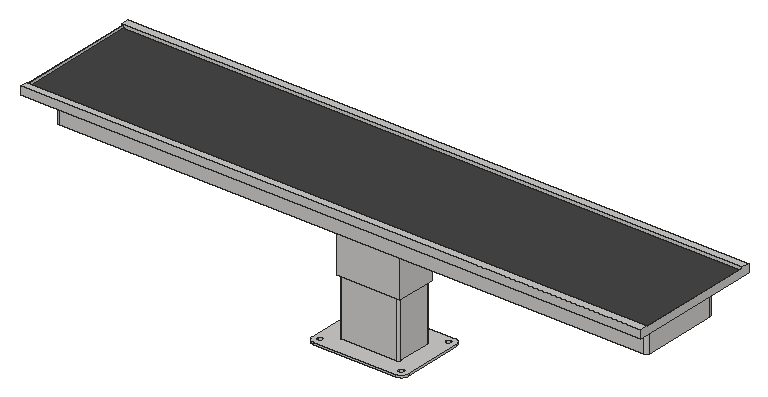
Revit family "Heater-Bromic-Platinum-Electric-Ceiling-Mounted2", category Mechanical Equipment, host Face, Revit 2020
Family settings
  Host = Face
  Round Connector Dimension = Use Diameter
  Classification = None
  Part Type = Normal
  OmniClass Number = 23.75.10.14
  OmniClass Title = Independent Electric Heating Units
  Cut with Voids When Loaded = Yes
  Shared = No
  Room Calculation Point = No
Parameters (values of type "Not a Type - Laod Type Catalog!")
  visFrontDown [instance] = not(Angle Mount)  # yes
  recess_width = if(Low Clearance Recess Kit Profile, 9.4", if(Heater Type Selector = 3, 33.4", 48.3"))  # 48.3"
  recess_visibility [instance] = and(not(Ceiling Mount Pole Profile), Show Clearance)  # no
  recess_length/2 = if(Low Clearance Recess Kit Profile, if(Heater Type Selector = 1, 39.2", 56.3"), if(Heater Type Selector = 1, 73.4", if(Heater Type Selector = 2, 90.6", 138"))) / 2  # 36.7"
  recess_length = if(Low Clearance Recess Kit Profile, if(Heater Type Selector = 1, 47.1", 64.2"), if(Heater Type Selector = 1, 73.4", if(Heater Type Selector = 2, 90.6", 138")))  # 73.4"
  recess_depth = if(Low Clearance Recess Kit Profile, 7", if(Heater Type Selector = 3, 13.8", 10"))  # 10"
  calcYOffset [instance] = if(Angle Mount, 0.5748", 0")  # 0"
  calcXOffset [instance] = if(Angle Mount, 1.49606", 0")  # 0"
  calcWidth = if(Heater Type Selector = 1, 7.17", if(Heater Type Selector = 2, 7.17", 10.1"))  # 7.17"
  calcSuspendedHeight [instance] = if(Front Down Mount, 8", if([Ceiling Pole_23.6"], 23.6", if([Ceiling Pole_47.2"], 47.2", if(Angle Mount, 10", 8"))))  # 8"
  calcOffsetClearance [instance] = if(Angle Mount, 1.69", calcWidth / 2)  # 3.585"
  calcLength = if(Heater Type Selector = 1, 33.07", if(Heater Type Selector = 2, 50.2", 53.2"))  # 33.07"
  calcFaceAngledWidth [instance] = if(Angle Mount, 6.5", calcWidth)  # 7.17"
  calcDepth = 2.13"  # constant formula
  Width = if(Heater Type Selector = 3, 10.1", 7")  # 7"
  Weight = if(Heater Type Selector = 1, 16.50 lbm, if(Heater Type Selector = 2, 22.00 lbm, 16.50 lbm))  # 16.50 lbm
  Wattage = if(Heater Type Selector = 1, 2300 W, if(Heater Type Selector = 2, 3400 W, 4500 W))  # 2300 W
  Voltage = 208 V
  Void Width Option [instance] = if([Standard recess kit - 4500W Series], 56", if([Standard recess kit - 3400W Series], 53", if([Standard recess kit - 2300W Series], 35.8", if([Low clearance recess kit - 2300W Series], 40.91", if([Low clearance recess kit - 3400W Series], 58.7", 1")))))  # 1"
  Utility = no
  URL = "https://www.bromic.com/product/platinum-smart-heat-electric/"
  Void Thickness Option [instance] = if([Standard recess kit - 4500W Series], 13", if([Standard recess kit - 3400W Series], 10", if([Standard recess kit - 2300W Series], 10", if([Low clearance recess kit - 2300W Series], 10.28", if([Low clearance recess kit - 3400W Series], 10.28", 1")))))  # 1"
  Void Start Option [instance] = if(Standard Recess Kit Profile, 0", if(Low Clearance Recess Kit Profile, 0", 0.5"))  # 0.5"
  Standard Mounting Pole_parameter = Pole : Standard Mounting Pole
  Side Clearance = if(Heater Type Selector = 1, 10", 18")  # 10"
  Standard Recess Kit Profile = no
  ProductCode = "ProductCode not specified - Load Type Catalog!"
  Product data url = "https://www.bimobject.com/bromic-heating/product/platinum-smart-heat-electric"
  Power Factor = 1
  Number of Poles = 1
  Mounting Type Info [instance] = if(Front Down Mount, "Ceiling Mounted - Front Down", if([Ceiling Pole_23.6"], "Ceiling Pole - 23.6\"", if([Ceiling Pole_47.2"], "Ceiling Pole - 47.2\"", if(Angle Mount, "Ceiling Mounted - Angle Mount", "Ceiling Mounted - Front Down"))))  # "Ceiling Mounted - Front Down"
  Mounting Type [instance] = Pole : Standard Mounting Pole
  MountTypeSelector [instance] = if([1 = Standard Mounting Pole], 1, if([2 = 2' Mounting Pole], 2, if([3 = 4' Mounting Pole], 3, 4)))  # 1
  Screen Material = Ceramic-Tinted-Bromic-Black
  Material = Metal-Steel-Stainless-Bromic
  Masking_3 = no
  Masking_2 = no
  Masking_1 = yes
  MEP_param [instance] = if(Ceiling Mount Pole Profile, 8.56", if(Low Clearance Recess Kit Profile, 2.13", 0"))  # 8.56"
  Low clearance recess kit - 3400W Series = no
  Low clearance recess kit - 2300W Series = no
  Low Clearance Recess Kit Profile = no
  Load Sub-Classification Motor = no
  Load Classification = Power
  Length = if(Heater Type Selector = 1, 33", if(Heater Type Selector = 2, 50.2", 53.2"))  # 33"
  Heater Type Selector = 1
  Front Down Mount [instance] = or(MountTypeSelector < 2, MountTypeSelector > 4)  # yes
  Frequency = 50 Hz
  Floor Clearance = 96"  # constant formula
  Show Clearance [instance] = no
  Model = "Platinum Smart-Heat™ Electric"  # constant formula
  Manufacturer = "Bromic Heating"  # constant formula
  End Clearance = if(Heater Type Selector = 1, 10", 18")  # 10"
  Description = "The Platinum Smart-Heat™ Electric excels in efficiency, packing profound performance into a sleek package to suit high-end, style-centric settings. Designed specifically with low-clearance, semi-enclosed and aesthetically-focused spaces in mind, this heater minimizes light emission to blend seamlessly into rooflines with the aid of recess kits or stylishly mount to a number of other surfaces."  # constant formula
  Void End Option [instance] = if(Standard Recess Kit Profile, -8.56", if(Low Clearance Recess Kit Profile, -6.63", 1"))  # 1"
  Depth = 2"  # constant formula
  Default Elevation = 48"
  Connector Description = ""
  Ceiling Pole_Standard [instance] = MountTypeSelector = 1  # yes
  Ceiling Pole_23.6" [instance] = MountTypeSelector = 2  # no
  Ceiling Pole_47.2" [instance] = MountTypeSelector = 3  # no
  Ceiling Mount Pole straight [instance] = and(Ceiling Mount Pole Profile, not([4 = Angle Mounting Pole]))  # yes
  Ceiling Mount Pole Profile = yes
  Approximate Heat Area = if(Heater Type Selector = 1, 65.00 SF, if(Heater Type Selector = 2, 108.00 SF, 65.00 SF))  # 65.00 SF
  Apparent Load = if(Heater Type Selector = 1, 2300 VA, if(Heater Type Selector = 2, 3400 VA, 4500 VA))  # 2300 VA
  Angle Mounting Pole_parameter = Pole : Angle Mounting Pole
  Angle Mount [instance] = MountTypeSelector = 4  # no
  Angle [instance] = if(Angle Mount, 30.00°, 0.00°)  # 0.00°
  Standard recess kit - 4500W Series = no
  4' Mounting Pole_parameter = Pole : 4' Mounting Pole
  Standard recess kit - 3400W Series = no
  Standard recess kit - 2300W Series = no
  4 = Angle Mounting Pole [instance] = Mounting Type = Angle Mounting Pole_parameter  # no
  2' Mounting Pole_parameter = Pole : 2' Mounting Pole
  3 = 4' Mounting Pole [instance] = Mounting Type = [4' Mounting Pole_parameter]  # no
  1 = Standard Mounting Pole [instance] = Mounting Type = Standard Mounting Pole_parameter  # yes
  2 = 2' Mounting Pole [instance] = Mounting Type = [2' Mounting Pole_parameter]  # no
Reference planes (in)
  plane 1 "Center (Front/Back)": y = 0
  plane 2: z = 0
  plane 3 "Center (Left/Right)": x = 0
  plane 4: z = 5.79528
  plane 5: z = 104
  plane 6: z = 8
  plane 7: x = -16.535
  plane 8: x = -26.535
  plane 9: x = 16.535
  plane 10: x = 26.535
  plane 11: y = 3.585
  plane 12: y = -3.585
  plane 13: y = 13.585
  plane 14: y = -13.585
  plane 15: z = 0.07874
  plane 16: z = 3.07726
  plane 17: z = 5.87402
  plane 18: x = -17.12555
  plane 19: x = 17.12555
  plane 20: y = 0
  plane 21: z = 5.87402
  plane 22: y = 3.585
  plane 23: y = -3.585
  plane 24: z = -13.79654
  plane 25: x = -0.5
  plane 26: x = 0.5
  plane 27: y = 0.5
  plane 28: y = -0.5
  plane 29: z = -0.00299
  plane 30: z = -3.27451
  plane 31: z = -8.56299
  plane 32: z = -10
  plane 33: x = 36.7
  plane 34: x = -36.7
  plane 35: y = -24.15
  plane 36: y = 24.15
Forms (in)
  Extrusion 1, solid, material "Metal-Steel-Stainless-Bromic" <- "Material", detail levels coarse+medium
    sketch origin (0, 0, 0) x (1, 0, 0) y (0, 1, 0)
      loop
        arc (-2.55906, -1.5748) -> (-2.44374, -1.85319) -> (-2.16535, -1.9685) r 0.3937
        line (-2.16535, -1.9685) -> (2.16535, -1.9685)
        arc (2.16535, -1.9685) -> (2.44374, -1.85319) -> (2.55906, -1.5748) r 0.3937
        line (2.55906, -1.5748) -> (2.55906, 1.5748)
        arc (2.55906, 1.5748) -> (2.44374, 1.85319) -> (2.16535, 1.9685) r 0.3937
        line (2.16535, 1.9685) -> (-2.16535, 1.9685)
        arc (-2.16535, 1.9685) -> (-2.44374, 1.85319) -> (-2.55906, 1.5748) r 0.3937
        line (-2.55906, 1.5748) -> (-2.55906, -1.5748)
    from 0 to 0.07874
  Extrusion 2, solid, material "Metal-Steel-Stainless-Bromic" <- "Material", visible <- "Ceiling Mount Pole Profile"
    sketch origin (0, 0, 0) x (1, 0, 0) y (0, 1, 0)
      loop
        line (-1.5748, 0.90551) -> (-1.5748, -0.86614)
        arc (-1.5748, -0.86614) -> (-1.54021, -0.94966) -> (-1.45669, -0.98425) r 0.11811
        line (-1.45669, -0.98425) -> (1.45669, -0.98425)
        arc (1.45669, -0.98425) -> (1.54021, -0.94966) -> (1.5748, -0.86614) r 0.11811
        line (1.5748, -0.86614) -> (1.5748, 0.90551)
        arc (1.5748, 0.90551) -> (1.55174, 0.96119) -> (1.49606, 0.98425) r 0.07874
        line (1.49606, 0.98425) -> (-1.49606, 0.98425)
        arc (-1.49606, 0.98425) -> (-1.55174, 0.96119) -> (-1.5748, 0.90551) r 0.07874
    from 0.07874 to 3.07726
  Extrusion 3, solid, material "Metal-Steel-Stainless-Bromic" <- "Material", visible <- "Ceiling Mount Pole straight"
    sketch origin (0, 0, 6.29921) x (1, 0, 0) y (0, 1, 0)
      loop
        arc (-2.75591, -1.44685) -> (-2.64059, -1.72524) -> (-2.3622, -1.84055) r 0.3937
        line (-2.3622, -1.84055) -> (2.3622, -1.84055)
        arc (2.3622, -1.84055) -> (2.64059, -1.72524) -> (2.75591, -1.44685) r 0.3937
        line (2.75591, -1.44685) -> (2.75591, 1.46654)
        arc (2.75591, 1.46654) -> (2.64059, 1.74492) -> (2.3622, 1.86024) r 0.3937
        line (2.3622, 1.86024) -> (-2.3622, 1.86024)
        arc (-2.3622, 1.86024) -> (-2.64059, 1.74492) -> (-2.75591, 1.46654) r 0.3937
        line (-2.75591, 1.46654) -> (-2.75591, -1.44685)
    from -0.50394 to -0.4252
  Extrusion 4, solid, material "Metal-Steel-Stainless-Bromic" <- "Material", visible <- "Ceiling Mount Pole straight"
    sketch origin (0, 0, 0) x (1, 0, 0) y (0, 1, 0)
      loop
        line (1.69291, 1.06299) -> (-1.69291, 1.06299) -> (-1.69291, -1.06299) -> (1.69291, -1.06299) -> (1.69291, 1.06299)
    from 3.07726 to 5.79528
  Extrusion 5, solid, material "Metal-Steel-Stainless-Bromic" <- "Material", visible <- "Ceiling Mount Pole Profile", detail levels fine
    sketch origin (0, 0, 0) x (1, 0, 0) y (0, 1, 0)
      loop
        arc (-2.55906, -1.5748) -> (-2.44374, -1.85319) -> (-2.16535, -1.9685) r 0.3937
        line (-2.16535, -1.9685) -> (2.16535, -1.9685)
        arc (2.16535, -1.9685) -> (2.44374, -1.85319) -> (2.55906, -1.5748) r 0.3937
        line (2.55906, -1.5748) -> (2.55906, 1.5748)
        arc (2.55906, 1.5748) -> (2.44374, 1.85319) -> (2.16535, 1.9685) r 0.3937
        line (2.16535, 1.9685) -> (-2.16535, 1.9685)
        arc (-2.16535, 1.9685) -> (-2.44374, 1.85319) -> (-2.55906, 1.5748) r 0.3937
        line (-2.55906, 1.5748) -> (-2.55906, -1.5748)
      loop
        circle (-2.16535, -1.5748) r 0.12795
      loop
        circle (2.16535, -1.5748) r 0.12795
      loop
        circle (2.16535, 1.5748) r 0.12795
      loop
        circle (-2.16535, 1.5748) r 0.12795
    from 0 to 0.07874
  Extrusion 6, solid, material "Metal-Steel-Stainless-Bromic" <- "Material", visible <- "Angle Mount"
    sketch origin (0, 0, -1.20079) x (0, 1, 0) y (0, 0, 1)
      loop
        line (1.06299, 2.50787) -> (1.06299, 4.7105) -> (0.31695, 6.00268) -> (-1.38782, 5.01842) -> (-1.06299, 4.4558) -> (-1.06299, 2.50787) -> (1.06299, 2.50787)
    from -1.69291 to 1.69291
  Extrusion 7, solid, material "Metal-Steel-Stainless-Bromic" <- "Material", visible <- "Angle Mount"
    sketch origin (0, 2.55118, 0) x (1, 0, 0) y (0, 1, 0)
      loop
        line (-1.5748, -1.64567) -> (-1.5748, -3.41732)
        arc (-1.5748, -3.41732) -> (-1.54021, -3.50084) -> (-1.45669, -3.53543) r 0.11811
        line (-1.45669, -3.53543) -> (1.45669, -3.53543)
        arc (1.45669, -3.53543) -> (1.54021, -3.50084) -> (1.5748, -3.41732) r 0.11811
        line (1.5748, -3.41732) -> (1.5748, -1.64567)
        arc (1.5748, -1.64567) -> (1.55174, -1.58999) -> (1.49606, -1.56693) r 0.07874
        line (1.49606, -1.56693) -> (-1.49606, -1.56693)
        arc (-1.49606, -1.56693) -> (-1.55174, -1.58999) -> (-1.5748, -1.64567) r 0.07874
    from 0.07874 to 1.30709
  Extrusion 8, solid, material "Metal-Steel-Stainless-Bromic" <- "Material", visible <- "Angle Mount"
    sketch origin (0, 0, 0) x (0, 1, 0) y (0, 0, 1)
      loop
        line (0.99886, 5.19559) -> (0.95949, 5.26378) -> (-2.1091, 3.49213) -> (-2.06973, 3.42394) -> (0.99886, 5.19559)
    from -2.75591 to 2.75591
  Extrusion 9, void
    sketch origin (0, 0, 0) x (1, 0, 0) y (0, 1, 0)
      loop
        line (-0.5, 0.5) -> (-0.5, -0.5) -> (0.5, -0.5) -> (0.5, 0.5) -> (-0.5, 0.5)
    from 0.5 <- "Void Start Option" to 1 <- "Void End Option"
  Extrusion 10, solid, not visible
    sketch origin (0, 0, -0.00299) x (1, 0, 0) y (0, 1, 0)
      loop
        circle (0, 0) r 1
    from 0 to 2
  Extrusion 11, solid, not visible
    sketch origin (0, 0, -3.27451) x (1, 0, 0) y (0, 1, 0)
      loop
        circle (0, 0) r 1
    from 0 to 2
Lines and regions (in)
  Masking region 1, visible <- "Masking_1"
    outline origin (0, 0, 0) x (1, 0, 0) y (0, 1, 0)
      loop
        line (-16.535, 3.585) -> (-16.535, 3.18146) -> (16.535, 3.18146) -> (16.535, 3.585) -> (-16.535, 3.585)
      loop
        line (16.535, -3.585) -> (16.535, -3.18146) -> (-16.535, -3.18146) -> (-16.535, -3.585) -> (16.535, -3.585)
  Masking region 2, visible <- "Masking_1"
    outline origin (0, 0, 0) x (1, 0, 0) y (0, 1, 0)
      loop
        line (-16.535, 3.18146) -> (-16.535, -3.18146) -> (16.535, -3.18146) -> (16.535, 3.18146) -> (-16.535, 3.18146)
  Masking region 3, visible <- "Masking_3"
    outline origin (0, 0, 0) x (1, 0, 0) y (0, 1, 0)
      loop
        line (-0.5, 0.5) -> (-0.5, -0.5) -> (0.5, -0.5) -> (0.5, 0.5) -> (-0.5, 0.5)
      loop
        line (-16.89169, 3.91339) -> (-16.89169, -3.91339) -> (16.89169, -3.91339) -> (16.89169, 3.91339) -> (-16.89169, 3.91339)
  Masking region 4, visible <- "Masking_3"
    outline origin (0, 0, 0) x (1, 0, 0) y (0, 1, 0)
      loop
        line (-6.14173, 3.585) -> (6.10236, 3.585) -> (6.10236, 3.91339) -> (-6.14173, 3.91339) -> (-6.14173, 3.585)
      loop
        line (-6.14173, -3.91339) -> (6.10236, -3.91339) -> (6.10236, -3.585) -> (-6.14173, -3.585) -> (-6.14173, -3.91339)
  Masking region 5, visible <- "Masking_2"
    outline origin (0, 0, 0) x (1, 0, 0) y (0, 1, 0)
      loop
        line (-0.49776, -0.4978) -> (0.49776, -0.4978) -> (0.49776, 0.4978) -> (-0.49776, 0.4978) -> (-0.49776, -0.4978)
      loop
        line (-16.535, 3.585) -> (-16.535, -3.585) -> (16.535, -3.585) -> (16.535, 3.585) -> (-16.535, 3.585)
  Masking region 6, visible <- "Masking_2"
    outline origin (0, 0, 0) x (1, 0, 0) y (0, 1, 0)
      loop
        line (1.14594, 3.57283) -> (-16.68307, 3.57283) -> (-16.68307, -3.57283) -> (1.14594, -3.57283) -> (1.14594, 3.57283)
  Masking region 7, visible <- "Masking_2"
    outline origin (0, 0, 0) x (1, 0, 0) y (0, 1, 0)
      loop
        line (16.68307, 3.57283) -> (-1.14594, 3.57283) -> (-1.14594, -3.57283) -> (16.68307, -3.57283) -> (16.68307, 3.57283)
  reference lines
    curve 1: line (0, 0, 5.87402) -> (0, 0, 5.49533)
    curve 2: line (0, 0, 5.87402) -> (0, 0.23807, 5.87402)
Dimensions and locks (in)
  "Floor Clearance": plane 6 to plane 5
  equal spacing: plane 9, plane 3 "Center (Left/Right)", plane 7
  "calcLength": plane 9 to plane 7
  "End Clearance": plane 7 to plane 8
  "End Clearance": plane 10 to plane 9
  equal spacing: plane 12, plane 1 "Center (Front/Back)", plane 11
  "calcWidth": plane 12 to plane 11
  "Side Clearance": plane 22 to plane 13
  "Side Clearance": plane 14 to plane 23
  locked: plane 2 to plane 15 at 0.07874
  plane 16 to plane 4 to plane 17 to plane 6 = 2.71801" locked, 0.07874" locked, 2.12598"
  "calcSuspendedHeight": plane 2 to plane 6
  locked: plane 18 to plane 7 at 0.59055
  locked: plane 9 to plane 19 at 0.59055
  "calcYOffset": plane 1 "Center (Front/Back)" to plane 20
  "calcXOffset": plane 17 to plane 21
  Extrusion 4 sketch curve to plane 1 "Center (Front/Back)" to Extrusion 4 sketch curve = 1.06299" locked, 1.06299" locked
  Extrusion 6 sketch curve to Extrusion 6 sketch curve to Extrusion 6 sketch curve to Extrusion 6 sketch curve to Extrusion 6 sketch curve to plane 17 = 1.94793" locked, 0.2547" locked, 0.30792" locked, 0.98425" locked, 1.07213" locked
  Extrusion 4 sketch curve to plane 3 "Center (Left/Right)" to Extrusion 4 sketch curve = 1.69291" locked, 1.69291" locked
  Extrusion 7 sketch curve to plane 1 "Center (Front/Back)" to Extrusion 7 sketch curve = 0.98425" locked, 0.98425" locked
  Extrusion 2 sketch curve to plane 1 "Center (Front/Back)" to Extrusion 2 sketch curve = 0.98425" locked, 0.98425" locked
  Extrusion 3 sketch curve to plane 1 "Center (Front/Back)" to Extrusion 3 sketch curve = 1.84055" locked, 1.86024" locked
  Extrusion 5 sketch curve to plane 1 "Center (Front/Back)" to Extrusion 5 sketch curve = 1.9685" locked, 1.9685" locked
  Extrusion 5 sketch curve to plane 3 "Center (Left/Right)" to Extrusion 5 sketch curve = 2.55906" locked, 2.55906" locked
  Extrusion 1 sketch curve to plane 1 "Center (Front/Back)" to Extrusion 1 sketch curve = 1.9685" locked, 1.9685" locked
  Extrusion 1 sketch curve to plane 3 "Center (Left/Right)" to Extrusion 1 sketch curve = 2.55906" locked, 2.55906" locked
  "calcOffsetClearance": plane 22 to plane 1 "Center (Front/Back)"
  "calcFaceAngledWidth": plane 22 to plane 23
  locked: Extrusion 8 sketch curve to Extrusion 6 at 0.7874  (x2)
  locked: Extrusion 8 sketch curve to Extrusion 8 sketch curve at 0.07874
  equal spacing: plane 25, plane 3 "Center (Left/Right)", plane 26
  "Void Width Option": plane 25 to plane 26
  equal spacing: plane 27, plane 20, plane 28
  "Void Thickness Option": plane 27 to plane 28
  locked: host face to plane 31 at 8.56299
  "MEP_param": plane 29 to plane 31
  "recess_length": plane 34 to plane 33
  "recess_depth": host face to plane 32
  equal spacing: plane 36, plane 1 "Center (Front/Back)", plane 35
  "recess_width": plane 36 to plane 35
  "recess_length/2": plane 33 to plane 3 "Center (Left/Right)"
  locked: curve 2 to curve 1 (angle 90.00°)
  locked: Extrusion 8 sketch curve to Extrusion 8 sketch curve (angle 90.00°)  (x3)
  "Angle": angle curve 1 to plane 1 "Center (Front/Back)"
  aligned and locked: plane 2 to host face
  aligned and locked: level to host face
  aligned and locked: plane 2 to nested 2
  aligned and locked: nested 2 to plane 5
  aligned and locked: nested 2 to plane 8
  aligned and locked: plane 10 to nested 2
  aligned and locked: nested 2 to plane 13
  aligned and locked: nested 2 to plane 14
  aligned and locked: Extrusion 5 to plane 15
  aligned and locked: Extrusion 1 to plane 15
  aligned and locked: Extrusion 5 to plane 2
  aligned and locked: Extrusion 1 to plane 2
  aligned and locked: Extrusion 3 to plane 4
  aligned and locked: Extrusion 3 to plane 17
  aligned and locked: plane 16 to Extrusion 4
  aligned and locked: Extrusion 2 to plane 16
  aligned and locked: Extrusion 4 to plane 16  (x2)
  aligned and locked: plane 4 to Extrusion 4
  aligned and locked: Extrusion 4 to plane 4
  aligned and locked: Extrusion 4 to Extrusion 6
  aligned and locked: Extrusion 6 to Extrusion 4
  aligned and locked: plane 20 to curve 1
  aligned and locked: nested 1 to curve 1
  aligned and locked: Extrusion 4 to Extrusion 6 sketch curve
  aligned and locked: Extrusion 6 sketch curve to Extrusion 4
  aligned and locked: nested 1 to plane 3 "Center (Left/Right)"
  aligned and locked: plane 15 to Extrusion 7
  aligned and locked: Extrusion 7 to Extrusion 6
  aligned and locked: Extrusion 7 sketch curve to Extrusion 2
  aligned and locked: Extrusion 2 to Extrusion 7 sketch curve
  aligned and locked: plane 21 to curve 2
  aligned and locked: Extrusion 8 sketch curve to Extrusion 6
  aligned and locked: Extrusion 3 to Extrusion 8
  aligned and locked: Extrusion 8 to Extrusion 3
  aligned and locked: plane 25 to Extrusion 9
  aligned and locked: plane 26 to Extrusion 9
  aligned and locked: plane 27 to Extrusion 9
  aligned and locked: Extrusion 9 to plane 28
  aligned and locked: plane 7 to Masking region 1 sketch curve  (x2)
  aligned and locked: Masking region 1 sketch curve to plane 9  (x2)
  aligned and locked: plane 7 to Masking region 2 sketch curve
  aligned and locked: Masking region 2 sketch curve to plane 9
  aligned and locked: plane 33 to nested 5
  aligned and locked: nested 5 to plane 34
  aligned and locked: plane 32 to nested 5
  aligned and locked: host face to nested 5
  aligned and locked: nested 5 to plane 36
  aligned and locked: plane 35 to nested 5
Automatic sketch dimensions
  host sketch curve to host sketch curve = 96"  (x2)
  Extrusion 1 sketch curve to Extrusion 1 sketch curve = 0.3937"  (x3)
  Extrusion 1 sketch curve to plane 1 "Center (Front/Back)" = 1.5748"
  Extrusion 2 sketch curve to plane 3 "Center (Left/Right)" = 1.5748"
  Extrusion 2 sketch curve to Extrusion 2 sketch curve = 0.07874"  (x2)
  Extrusion 2 sketch curve to Extrusion 2 sketch curve = 0.11811"
  plane 3 "Center (Left/Right)" to Extrusion 2 sketch curve = 1.45669"
  plane 3 "Center (Left/Right)" to Extrusion 2 sketch curve = 1.49606"
  Extrusion 3 sketch curve to plane 3 "Center (Left/Right)" = 2.75591"
  Extrusion 3 sketch curve to Extrusion 3 sketch curve = 0.3937"  (x3)
  plane 3 "Center (Left/Right)" to Extrusion 3 sketch curve = 2.3622"
  Extrusion 3 sketch curve to plane 1 "Center (Front/Back)" = 1.46654"
  plane 3 "Center (Left/Right)" to Extrusion 5 sketch curve = 2.16535"
  Extrusion 7 sketch curve to Extrusion 7 sketch curve = 0.07874"  (x2)
  Extrusion 7 sketch curve to Extrusion 7 sketch curve = 0.11811"  (x2)
  Extrusion 5 sketch curve to Extrusion 5 sketch curve = 0"  (x8)
  Extrusion 5 sketch curve to Extrusion 5 sketch curve = 0.3937"  (x3)
  Extrusion 9 sketch curve to plane 3 "Center (Left/Right)" = 0.5"
  Extrusion 9 sketch curve to plane 9 = 16.035"
  Extrusion 9 sketch curve to Extrusion 9 sketch curve = 1"
  plane 14 to Extrusion 9 sketch curve = 13.085"
  plane 12 to Masking region 1 sketch curve = 0"
  plane 11 to Masking region 1 sketch curve = 0"
  Masking region 1 sketch curve to Masking region 1 sketch curve = 0.40354"
  plane 11 to Masking region 1 sketch curve = 0.40354"
  Masking region 2 sketch curve to plane 12 = 0.40354"
  plane 11 to Masking region 2 sketch curve = 0.40354"
  Masking region 3 sketch curve to plane 25 = 0"
  Masking region 3 sketch curve to plane 26 = 0"
  Masking region 3 sketch curve to plane 28 = 0"
  Masking region 3 sketch curve to plane 27 = 0"
  plane 18 to Masking region 3 sketch curve = 0.23386"
  Masking region 3 sketch curve to plane 19 = 0.23386"
  plane 12 to Masking region 3 sketch curve = 0.32839"
  Masking region 3 sketch curve to plane 11 = 0.32839"
  plane 11 to Masking region 4 sketch curve = 0"
  plane 12 to Masking region 4 sketch curve = 0"
  Masking region 4 sketch curve to plane 3 "Center (Left/Right)" = 6.14173"  (x2)
  plane 12 to Masking region 4 sketch curve = 0.32839"
  plane 3 "Center (Left/Right)" to Masking region 4 sketch curve = 6.10236"  (x2)
  Masking region 4 sketch curve to Masking region 4 sketch curve = 0.32839"
  Masking region 5 sketch curve to plane 7 = 0"
  Masking region 5 sketch curve to plane 9 = 0"
  plane 12 to Masking region 5 sketch curve = 0"
  plane 11 to Masking region 5 sketch curve = 0"
  Masking region 5 sketch curve to plane 25 = 0.00224"
  plane 26 to Masking region 5 sketch curve = 0.00224"
  plane 28 to Masking region 5 sketch curve = 0.0022"
  Masking region 5 sketch curve to plane 27 = 0.0022"
  Masking region 6 sketch curve to plane 12 = 0.01217"
  Masking region 6 sketch curve to plane 25 = 1.64594"
  Masking region 6 sketch curve to plane 7 = 0.14807"
  plane 11 to Masking region 6 sketch curve = 0.01217"
  Masking region 7 sketch curve to plane 12 = 0.01217"
  plane 9 to Masking region 7 sketch curve = 0.14807"
  plane 26 to Masking region 7 sketch curve = 1.64594"
  plane 11 to Masking region 7 sketch curve = 0.01217"
  radius of Extrusion 5 sketch curve = 0.12795"  (x4)
  radius of Extrusion 10 sketch curve = 1"
  radius of Extrusion 11 sketch curve = 1"
Nested families (in)
  nested 1: "X-Heater-Electric-Bromic-Smart Heat-Platinum" at (0, 0, 5.87402) x (-1, 0, 0) z (0, 0, 1), visible <- "Ceiling Mount Pole Profile", type "X-Heater-Electric-Bromic-Smart Heat-Platinum"
    with Width_ANZRS 7.17", Length_ANZRS 33.07", Depth_ANZRS 2.13"
  nested 2: "Clearance Zone" at (0, 0, 0), visible <- "Show Clearance", type "Standard"
    with Width 53.07", Height 104", Equipment Finish Clearance Zone, Depth 27.17"
  nested 3: "Standard Recess Kit" at (0, 0, 0.05906), 2300W <- "Standard recess kit - 2300W Series", 3400W <- "Standard recess kit - 3400W Series", 4500W <- "Standard recess kit - 4500W Series", Recess Kits Material <- "Material", Material_ANZRS <- "Material", Screen Material <- "Screen Material", visible <- "Standard Recess Kit Profile", type "2300W/3400W/4500W"
    with Width 10", Screen Material Ceramic-Tinted-Bromic-Black, Recess Kits Material Metal-Steel-Stainless-Bromic, Material_ANZRS Metal-Steel-Stainless-Bromic, Length 35.8", 4500W no, 3400W no, 2300W no
  nested 4: "Low Clearance Recess Kit" at (0, 0, 0.05906) x (0, 1, 0) z (0, 0, 1), 2300W <- "Low clearance recess kit - 2300W Series", 3400W <- "Low clearance recess kit - 3400W Series", Material_ANZRS <- "Material", Recess Kits Material <- "Material", Screen Material <- "Screen Material", type "2300W/3400W"
    with Screen Material Ceramic-Tinted-Bromic-Black, Recess Kits Material Metal-Steel-Stainless-Bromic, Material_ANZRS Metal-Steel-Stainless-Bromic, 3400W no, 2300W no
  nested 5: "Clearance Zone" at (0, 0, -10), visible <- "recess_visibility", type "Standard"
    with Width 73.4", Height 10", Equipment Finish Clearance Zone, Depth 48.3"
Connectors (in)
  electrical at (0, 0, -0.00299), driven by "Number of Poles", driven by "Load Classification", driven by "Load Sub-Classification Motor", driven by "Voltage", driven by "Apparent Load", driven by "Power Factor", driven by "Utility", driven by "Connector Description"
    settings: on Extrusion 10, index 4, voltage 208 V, apparent load 2300 VA, apparent load phase1 0 VA, apparent load phase2 0 VA, apparent load phase3 0 VA, power factor 1, load classification "Power", number of poles 1, system type 30, power factor state 1, is connector primary yes, connector utility no, sub classification motor no, connector description ""
Definition of nested family "X-Heater-Electric-Bromic-Smart Heat-Platinum"
  Parameters (values of type "X-Heater-Electric-Bromic-Smart Heat-Platinum")
    Width_ANZRS = 7.16535"
    Screen Material = none
    Material_ANZRS = none
    Length_ANZRS = 33.07087"
    Depth_ANZRS = 2.12598"
    Default Elevation = 48"
  Reference planes (in)
    plane 1 "Center (Front/Back)": y = 0
    plane 2: z = 0
    plane 3 "Center (Left/Right)": x = 0
    plane 4: x = -16.53543
    plane 5: x = 16.53543
    plane 6: y = 3.58268
    plane 7: y = -3.58268
    plane 8: z = 2.12598
    plane 9: z = 1.69291
    plane 10: z = 1.9685
  Forms (in)
    Extrusion 1, solid
      sketch origin (0, 0, 0) x (1, 0, 0) y (0, 1, 0)
        loop
          line (-48, 48) -> (-48, -48) -> (48, -48) -> (48, 48) -> (-48, 48)
      from 0 to -12
    Extrusion 2, solid, material <- "Material_ANZRS"
      sketch origin (0, 0, 0) x (1, 0, 0) y (0, 1, 0)
        loop
          arc (-15.55118, 2.16535) -> (-15.69038, 2.1077) -> (-15.74803, 1.9685) r 0.19685
          line (-15.74803, 1.9685) -> (-15.74803, -1.9685)
          arc (-15.74803, -1.9685) -> (-15.69038, -2.1077) -> (-15.55118, -2.16535) r 0.19685
          line (-15.55118, -2.16535) -> (15.55118, -2.16535)
          arc (15.55118, -2.16535) -> (15.69038, -2.1077) -> (15.74803, -1.9685) r 0.19685
          line (15.74803, -1.9685) -> (15.74803, 1.9685)
          arc (15.74803, 1.9685) -> (15.69038, 2.1077) -> (15.55118, 2.16535) r 0.19685
          line (15.55118, 2.16535) -> (-15.55118, 2.16535)
      from 0 to 1.69291
    Extrusion 3, solid, material <- "Material_ANZRS"
      sketch origin (0, 0, 0) x (0, 1, 0) y (0, 0, 1)
        loop
          line (3.58268, 2.12598) -> (3.17913, 2.12598) -> (3.17913, 1.75197) -> (-3.17913, 1.75197) -> (-3.17913, 2.12598) -> (-3.58268, 2.12598) -> (-3.58268, 1.69291) -> (3.58268, 1.69291) -> (3.58268, 2.12598)
      from -16.53543 to 16.53543
    Extrusion 4, solid, material <- "Screen Material"
      sketch origin (0, 0, 0) x (1, 0, 0) y (0, 1, 0)
        loop
          line (-16.41732, 3.17913) -> (-16.41732, -3.17913) -> (16.41732, -3.17913) -> (16.41732, 3.17913) -> (-16.41732, 3.17913)
      from 1.75197 to 1.9685
    Extrusion 5, solid, material <- "Material_ANZRS"
      sketch origin (0, 0, 0) x (1, 0, 0) y (0, 0, 1)
        loop
          line (-16.53543, 2.04724) -> (-16.53543, 1.75197) -> (-16.49606, 1.75197) -> (-16.49606, 2.04724) -> (-16.53543, 2.04724)
        loop
          line (16.53543, 2.04724) -> (16.49606, 2.04724) -> (16.49606, 1.75197) -> (16.53543, 1.75197) -> (16.53543, 2.04724)
      from -3.17913 to 3.17913
  Cuts and joins
    joined: Extrusion 3, Extrusion 5
  Dimensions and locks (in)
    equal spacing: plane 4, plane 3 "Center (Left/Right)", plane 5
    "Length_ANZRS": plane 4 to plane 5
    equal spacing: plane 7, plane 1 "Center (Front/Back)", plane 6
    "Width_ANZRS": plane 7 to plane 6
    "Depth_ANZRS": plane 8 to plane 2
    locked: plane 7 to Extrusion 2 sketch curve at 1.41732
    locked: plane 4 to Extrusion 2 sketch curve at 0.7874
    locked: Extrusion 2 sketch curve to plane 6 at 1.41732
    locked: Extrusion 2 sketch curve to plane 5 at 0.7874
    locked: plane 8 to plane 9 at 0.43307
    locked: Extrusion 3 sketch curve to plane 7 at 0.40354
    locked: plane 6 to Extrusion 3 sketch curve at 0.40354
    locked: Extrusion 3 sketch curve to plane 9 at 0.05906
    locked: plane 4 to Extrusion 4 sketch curve at 0.11811
    locked: Extrusion 4 sketch curve to plane 5 at 0.11811
    locked: plane 8 to plane 10 at 0.15748
    locked: Extrusion 5 sketch curve to plane 10 at 0.07874  (x2)
    locked: Extrusion 5 sketch curve to plane 4 at 0.03937
    locked: plane 5 to Extrusion 5 sketch curve at 0.03937
    aligned and locked: plane 2 to Extrusion 1
    aligned and locked: level to Extrusion 1
    aligned and locked: Extrusion 2 to plane 2
    aligned and locked: plane 9 to Extrusion 2
    aligned and locked: plane 7 to Extrusion 3 sketch curve
    aligned and locked: plane 9 to Extrusion 3 sketch curve
    aligned and locked: plane 8 to Extrusion 3 sketch curve
    aligned and locked: Extrusion 3 sketch curve to plane 8
    aligned and locked: plane 6 to Extrusion 3 sketch curve
    aligned and locked: plane 5 to Extrusion 3
    aligned and locked: Extrusion 3 to plane 4
    aligned and locked: Extrusion 3 to Extrusion 4 sketch curve  (x2)
    aligned and locked: Extrusion 4 to Extrusion 3
    aligned and locked: Extrusion 4 to plane 10
    aligned and locked: Extrusion 3 to Extrusion 5 sketch curve
    aligned and locked: plane 4 to Extrusion 5 sketch curve
    aligned and locked: plane 5 to Extrusion 5 sketch curve
    aligned and locked: Extrusion 5 sketch curve to Extrusion 3
    aligned and locked: Extrusion 5 to Extrusion 3  (x2)
  Automatic sketch dimensions
    Extrusion 1 sketch curve to Extrusion 1 sketch curve = 96"  (x2)
    Extrusion 2 sketch curve to Extrusion 2 sketch curve = 0.19685"  (x4)
Definition of nested family "Clearance Zone"
  Parameters (values of type "Standard")
    Width [instance] = 31.49606"
    URL = ""
    Manufacturer = ""
    Height [instance] = 22.83465"
    Equipment Finish [instance] = none
    Depth [instance] = 55.11811"
    Default Elevation = 0"
    Clearance Offset Top = 0"
    Clearance Offset Right = 0"
    Clearance Offset Left = 0"
    Clearance Offset Front = 0"
    Clearance Offset Bottom = 0"
    Clearance Offset Back = 0"
    Assembly Code = ""
  Reference planes (in)
    plane 1 "Center (Front/Back)": y = 0
    plane 2 "Bottom": z = 0
    plane 3 "Center (Left/Right)": x = 0
    plane 4 "Left": x = -15.74803
    plane 5 "Back": y = 27.55906
    plane 6 "Right": x = 15.74803
    plane 7 "Front": y = -27.55906
    plane 8 "Top": z = 22.83465
    plane 9 "Clearance Offset Right": x = 15.74803
    plane 10 "Clearance Offset Left": x = -15.74803
    plane 11 "Clearance Offset Back": y = 27.55906
    plane 12 "Clearance Offset Front": y = -27.55906
    plane 13 "Clearance Offset Top": z = 22.83465
    plane 14: z = 0
  Forms (in)
    Extrusion 1, solid, material <- "Equipment Finish"
      sketch origin (0, 0, 0) x (1, 0, 0) y (0, 1, 0)
        loop
          line (-15.74803, 27.55906) -> (-15.74803, -27.55906) -> (15.74803, -27.55906) -> (15.74803, 27.55906) -> (-15.74803, 27.55906)
      from 0 to 22.83465
  Lines and regions (in)
    symbolic lines
      curve 1: line (-15.74803, 0, 22.83465) -> (15.74803, 0, 22.83465)
      curve 2: line (-15.74803, 0, 0) -> (-15.74803, 0, 22.83465)
      curve 3: line (15.74803, 0, 0) -> (-15.74803, 0, 0)
      curve 4: line (15.74803, 0, 22.83465) -> (15.74803, 0, 0)
      curve 5: line (0, 27.55906, 22.83465) -> (0, -27.55906, 22.83465)
      curve 6: line (0, 27.55906, 0) -> (0, 27.55906, 22.83465)
      curve 7: line (0, -27.55906, 0) -> (0, 27.55906, 0)
      curve 8: line (0, -27.55906, 22.83465) -> (0, -27.55906, 0)
      curve 9: line (-15.74803, 27.55906, 0) -> (15.74803, 27.55906, 0)
      curve 10: line (-15.74803, -27.55906, 0) -> (-15.74803, 27.55906, 0)
      curve 11: line (15.74803, -27.55906, 0) -> (-15.74803, -27.55906, 0)
      curve 12: line (15.74803, 27.55906, 0) -> (15.74803, -27.55906, 0)
  Text (in)
    text "Copyright © Daikin Industries, Ltd. 2008" at (0.00043, 0.00036, 0), in view "Ref. Level"
  Dimensions and locks (in)
    equal spacing: plane 4 "Left", plane 3 "Center (Left/Right)", plane 6 "Right"
    "Width": plane 4 "Left" to plane 6 "Right"
    equal spacing: plane 5 "Back", plane 1 "Center (Front/Back)", plane 7 "Front"
    "Depth": plane 5 "Back" to plane 7 "Front"
    "Height": plane 8 "Top" to plane 2 "Bottom"
    "Clearance Offset Front": plane 12 "Clearance Offset Front" to plane 7 "Front"
    "Clearance Offset Back": plane 11 "Clearance Offset Back" to plane 5 "Back"
    "Clearance Offset Left": plane 10 "Clearance Offset Left" to plane 4 "Left"
    "Clearance Offset Right": plane 6 "Right" to plane 9 "Clearance Offset Right"
    "Clearance Offset Top": plane 13 "Clearance Offset Top" to plane 8 "Top"
    curve 3 to plane 14 = 0"
    "Clearance Offset Bottom": plane 2 "Bottom" to plane 14
    aligned and locked: plane 2 "Bottom" to level
    aligned and locked: plane 9 "Clearance Offset Right" to Extrusion 1 sketch curve
    aligned and locked: Extrusion 1 sketch curve to plane 11 "Clearance Offset Back"
    aligned and locked: plane 10 "Clearance Offset Left" to Extrusion 1 sketch curve
    aligned and locked: Extrusion 1 sketch curve to plane 12 "Clearance Offset Front"
    aligned and locked: curve 9 to Extrusion 1  (x2)
    aligned and locked: Extrusion 1 to curve 12
    aligned and locked: curve 12 to Extrusion 1
    aligned and locked: plane 13 "Clearance Offset Top" to Extrusion 1
    aligned and locked: Extrusion 1 to plane 14
    aligned and locked: Extrusion 1 to plane 10 "Clearance Offset Left"
    aligned and locked: Extrusion 1 to plane 9 "Clearance Offset Right"  (x2)
    aligned and locked: Extrusion 1 to plane 13 "Clearance Offset Top"  (x2)
    aligned and locked: plane 14 to Extrusion 1  (x2)
    aligned and locked: curve 1 to plane 13 "Clearance Offset Top"
    aligned and locked: plane 9 "Clearance Offset Right" to curve 4
    aligned and locked: plane 10 "Clearance Offset Left" to curve 2
    aligned and locked: plane 14 to curve 3
    aligned and locked: plane 10 "Clearance Offset Left" to Extrusion 1  (x2)
    aligned and locked: curve 8 to plane 12 "Clearance Offset Front"
    aligned and locked: curve 5 to plane 13 "Clearance Offset Top"
    aligned and locked: curve 6 to plane 11 "Clearance Offset Back"
    aligned and locked: plane 14 to curve 7
Definition of nested family "Standard Recess Kit"
  Parameters (values of type "2300W/3400W/4500W")
    Width [instance] = if([4500W], 13", 10")  # 13"
    Screen Material [instance] = none
    Material_ANZRS [instance] = none
    Length [instance] = if([4500W], 56", if([3400W], 53", 35.8"))  # 56"
    Recess Kits Material [instance] = none
    Default Elevation = 0"
    4500W [instance] = yes
    3400W [instance] = no
    2300W [instance] = no
  Reference planes (in)
    plane 1 "Center (Front/Back)": y = 0
    plane 2: z = 0
    plane 3 "Center (Left/Right)": x = 0
    plane 4: x = -28
    plane 5: x = 28
    plane 6: y = 6.5
    plane 7: y = -6.5
    plane 8: x = 26.98819
    plane 9: x = -26.98819
    plane 10: y = 5.91535
    plane 11: y = -5.8563
    plane 12: x = -27.04724
    plane 13: x = 27.04724
    plane 14: y = 5.44291
    plane 15: y = 5.38386
    plane 16: y = -5.38386
    plane 17: y = -5.44291
    plane 18: x = -26.55512
    plane 19: x = 26.55512
    plane 20: y = 5.00984
    plane 21: y = -2.98651
    plane 22: y = -5.00984
    plane 23: y = 2.98651
    plane 24: y = 3.41291
    plane 25: y = -3.41291
  Forms (in)
    Extrusion 1, solid, material <- "Recess Kits Material"
      sketch origin (0, -0.02953, 0) x (1, 0, 0) y (0, 1, 0)
        loop
          line (28, 6.52953) -> (-28, 6.52953) -> (-28, -6.47047) -> (28, -6.47047) -> (28, 6.52953)
        loop
          line (-26.95669, 5.44291) -> (-26.95669, -5.38386) -> (26.95669, -5.38386) -> (26.95669, 5.44291) -> (-26.95669, 5.44291)
      from -0.05906 to 0
    Extrusion 2, solid, material <- "Recess Kits Material"
      sketch origin (0, -0.02953, 0) x (0, 1, 0) y (0, 0, 1)
        loop
          line (4.68504, 0.07874) -> (5, 0.07874)
          arc (5, 0.07874) -> (5.02784, 0.06721) -> (5.03937, 0.03937) r 0.03937
          line (5.03937, 0.03937) -> (5.03937, -0.23622)
          arc (5.03937, -0.23622) -> (5.02784, -0.26406) -> (5, -0.27559) r 0.03937
          line (5, -0.27559) -> (4.31102, -0.27559) -> (4.31102, -0.31496) -> (5, -0.31496)
          arc (5, -0.31496) -> (5.05568, -0.2919) -> (5.07874, -0.23622) r 0.07874
          line (5.07874, -0.23622) -> (5.07874, 0.03937)
          arc (5.07874, 0.03937) -> (5.05568, 0.09505) -> (5, 0.11811) r 0.07874
          line (5, 0.11811) -> (4.68504, 0.11811) -> (4.68504, 0.07874)
        loop
          line (-4.68504, 0.07874) -> (-4.68504, 0.11811) -> (-5, 0.11811)
          arc (-5, 0.11811) -> (-5.05568, 0.09505) -> (-5.07874, 0.03937) r 0.07874
          line (-5.07874, 0.03937) -> (-5.07874, -0.23622)
          arc (-5.07874, -0.23622) -> (-5.05568, -0.2919) -> (-5, -0.31496) r 0.07874
          line (-5, -0.31496) -> (-4.31102, -0.31496) -> (-4.31102, -0.27559) -> (-5, -0.27559)
          arc (-5, -0.27559) -> (-5.02784, -0.26406) -> (-5.03937, -0.23622) r 0.03937
          line (-5.03937, -0.23622) -> (-5.03937, 0.03937)
          arc (-5.03937, 0.03937) -> (-5.02784, 0.06721) -> (-5, 0.07874) r 0.03937
          line (-5, 0.07874) -> (-4.68504, 0.07874)
      from -26.55512 to 26.55512
    Extrusion 3, void
      sketch origin (0, -0.02953, 0) x (1, 0, 0) y (0, 1, 0)
        loop
          line (-26.69115, 4.93131) -> (-26.69115, 4.18431) -> (-25.94416, 4.18431) -> (-26.69115, 4.93131)
        loop
          line (26.69115, 4.93131) -> (25.94416, 4.18431) -> (26.69115, 4.18431) -> (26.69115, 4.93131)
        loop
          line (-26.69115, -4.93131) -> (-25.94416, -4.18431) -> (-26.69115, -4.18431) -> (-26.69115, -4.93131)
        loop
          line (26.69115, -4.93131) -> (26.69115, -4.18431) -> (25.94416, -4.18431) -> (26.69115, -4.93131)
      from -0.31496 to 0.11811
    Extrusion 4, solid, material <- "Recess Kits Material"
      sketch origin (0, 0, 0) x (0, 1, 0) y (0, 0, -1)
        loop
          line (-5.11176, 2.42126) -> (-5.8563, 1.67672) -> (-5.8563, 0.09843)
          arc (-5.8563, 0.09843) -> (-5.84477, 0.07059) -> (-5.81693, 0.05906) r 0.03937
          line (-5.81693, 0.05906) -> (5.87598, 0.05906)
          arc (5.87598, 0.05906) -> (5.90382, 0.07059) -> (5.91535, 0.09843) r 0.03937
          line (5.91535, 0.09843) -> (5.91535, 1.63386) -> (5.12795, 2.42126) -> (-5.11176, 2.42126)
      from 26.98819 to 27.04724
    Extrusion 5, solid, material <- "Recess Kits Material"
      sketch origin (0, 0, 0) x (1, 0, 0) y (0, 0, 1)
        loop
          line (25.65418, -1.24016) -> (26.75992, -0.13442) -> (26.75992, -0.05906) -> (-26.75984, -0.05906) -> (-26.75984, -0.1345) -> (-25.65418, -1.24016) -> (-9.29134, -1.24016) -> (-6.92913, -2.42126) -> (-6.1811, -2.42126)
          arc (-6.1811, -2.42126) -> (-6.15326, -2.40973) -> (-6.14173, -2.38189) r 0.03937
          line (-6.14173, -2.38189) -> (-6.14173, -2.02756) -> (0, -2.02756) -> (6.14173, -2.02756) -> (6.14173, -2.38189)
          arc (6.14173, -2.38189) -> (6.15326, -2.40973) -> (6.1811, -2.42126) r 0.03937
          line (6.1811, -2.42126) -> (6.92913, -2.42126) -> (9.29134, -1.24016) -> (25.65418, -1.24016)
      from 5.38386 to 5.44291
    Extrusion 6, solid, material <- "Recess Kits Material"
      sketch origin (0, 0, 0) x (1, 0, 0) y (0, 0, -1)
        loop
          line (25.65418, 1.24016) -> (9.29134, 1.24016) -> (6.92913, 2.42126) -> (6.1811, 2.42126)
          arc (6.1811, 2.42126) -> (6.15326, 2.40973) -> (6.14173, 2.38189) r 0.03937
          line (6.14173, 2.38189) -> (6.14173, 2.02756) -> (0, 2.02756) -> (-6.14173, 2.02756) -> (-6.14173, 2.38189)
          arc (-6.14173, 2.38189) -> (-6.15326, 2.40973) -> (-6.1811, 2.42126) r 0.03937
          line (-6.1811, 2.42126) -> (-6.92913, 2.42126) -> (-9.29134, 1.24016) -> (-25.65418, 1.24016) -> (-26.75984, 0.1345) -> (-26.75984, 0.05906) -> (26.75992, 0.05906) -> (26.75992, 0.13442) -> (25.65418, 1.24016)
      from 5.38386 to 5.44291
    Extrusion 7, solid, material <- "Recess Kits Material"
      sketch origin (0, 0, 0) x (0, 1, 0) y (0, 0, 1)
        loop
          line (5.54134, -2.02756) -> (-5.48228, -2.02756) -> (-5.7015, -1.64787) -> (-5.75264, -1.6774) -> (-5.51638, -2.08661) -> (5.57543, -2.08661) -> (5.81169, -1.6774) -> (5.76055, -1.64787) -> (5.54134, -2.02756)
      from -6.14173 to 6.10236
    Extrusion 8, solid, material <- "Recess Kits Material"
      sketch origin (0, 0, 0) x (0, 1, 0) y (0, 0, 1)
        loop
          line (-5.0689, -2.42126) -> (5.12795, -2.42126) -> (5.91535, -1.63386) -> (5.91535, -0.09843)
          arc (5.91535, -0.09843) -> (5.90382, -0.07059) -> (5.87598, -0.05906) r 0.03937
          line (5.87598, -0.05906) -> (-5.81693, -0.05906)
          arc (-5.81693, -0.05906) -> (-5.84477, -0.07059) -> (-5.8563, -0.09843) r 0.03937
          line (-5.8563, -0.09843) -> (-5.8563, -1.63386) -> (-5.0689, -2.42126)
      from 26.98819 to 27.04724
    Extrusion 9, solid, material <- "Screen Material", visible <- "4500W"
      sketch origin (0.04134, 15, -14.92682) x (1, 0, 0) y (0, 1, 0)
        loop
          arc (26.40551, -10.26575) -> (26.35939, -10.15439) -> (26.24803, -10.10827) r 0.15748
          line (26.24803, -10.10827) -> (-26.33071, -10.10827)
          arc (-26.33071, -10.10827) -> (-26.44206, -10.15439) -> (-26.48819, -10.26575) r 0.15748
          line (-26.48819, -10.26575) -> (-26.48819, -19.73425)
          arc (-26.48819, -19.73425) -> (-26.44206, -19.84561) -> (-26.33071, -19.89173) r 0.15748
          line (-26.33071, -19.89173) -> (26.24803, -19.89173)
          arc (26.24803, -19.89173) -> (26.35939, -19.84561) -> (26.40551, -19.73425) r 0.15748
          line (26.40551, -19.73425) -> (26.40551, -10.26575)
      from 14.80871 to 14.92682
    Sweep 10, solid, material <- "Material_ANZRS"
      path origin (0.04134, 14.9717, -14.92682) x (1, 0, 0) y (0, 1, 0)
        loop
          line (24.95496, -11.55878) -> (-25.04214, -11.55878)
          arc (-25.04214, -11.55878) -> (-25.34526, -11.68434) -> (-25.47082, -11.98746) r 0.42868
          line (-25.47082, -11.98746) -> (-25.47082, -17.95594)
          arc (-25.47082, -17.95594) -> (-25.34526, -18.25906) -> (-25.04214, -18.38461) r 0.42868
          line (-25.04214, -18.38461) -> (24.95496, -18.38461)
          arc (24.95496, -18.38461) -> (25.25808, -18.25906) -> (25.38364, -17.95594) r 0.42868
          line (25.38364, -17.95594) -> (25.38364, -11.98746)
          arc (25.38364, -11.98746) -> (25.25808, -11.68434) -> (24.95496, -11.55878) r 0.42868
      profile origin (-0.00225, 3.41291, -14.92682) x (0, -1, 0) y (0, 0, 1)
        loop
          line (-0.39768, 13.33739) -> (-0.48777, 14.36715)
          arc (-0.48777, 14.36715) -> (-0.59937, 14.59568) -> (-0.83531, 14.69061) r 0.35439
          line (-0.83531, 14.69061) -> (-0.83531, 14.65123)
          arc (-0.83531, 14.65123) -> (-0.62597, 14.56665) -> (-0.52699, 14.36372) r 0.31501
          line (-0.52699, 14.36372) -> (-0.4369, 13.33395)
          arc (-0.4369, 13.33395) -> (-0.29805, 13.05241) -> (-0.00547, 12.93863) r 0.43307
          line (-0.00547, 12.93863) -> (0.42641, 12.93863) -> (0.42641, 12.978) -> (-0.00547, 12.978)
          arc (-0.00547, 12.978) -> (-0.27145, 13.08143) -> (-0.39768, 13.33739) r 0.3937
    Extrusion 11, solid, material <- "Material_ANZRS"
      sketch origin (0.04134, 15, -14.92682) x (1, 0, 0) y (0, 1, 0)
        loop
          line (26.54331, -9.99016) -> (-26.62598, -9.99016) -> (-26.62598, -20.00984) -> (26.54331, -20.00984) -> (26.54331, -9.99016)
      from 14.65123 to 14.92682
    Extrusion 12, void
      sketch origin (0, 35, -14.92682) x (1, 0, 0) y (0, 1, 0)
        loop
          line (-26.54528, -30.02953) -> (-26.54528, -39.97047) -> (26.54528, -39.97047) -> (26.54528, -30.02953) -> (-26.54528, -30.02953)
      from 14.6906 to 14.92682
    Extrusion 13, solid, material <- "Screen Material", visible <- "3400W"
      sketch origin (0.04134, 15, -14.92682) x (1, 0, 0) y (0, 1, 0)
        loop
          arc (26.40551, -10.22919) -> (26.35939, -10.11783) -> (26.24803, -10.07171) r 0.15748
          line (26.24803, -10.07171) -> (-26.33071, -10.07171)
          arc (-26.33071, -10.07171) -> (-26.44206, -10.11783) -> (-26.48819, -10.22919) r 0.15748
          line (-26.48819, -10.22919) -> (-26.48819, -19.73425)
          arc (-26.48819, -19.73425) -> (-26.44206, -19.84561) -> (-26.33071, -19.89173) r 0.15748
          line (-26.33071, -19.89173) -> (26.24803, -19.89173)
          arc (26.24803, -19.89173) -> (26.35939, -19.84561) -> (26.40551, -19.73425) r 0.15748
          line (26.40551, -19.73425) -> (26.40551, -10.22919)
      from 14.80871 to 14.92682
    Extrusion 14, solid, material <- "Screen Material", visible <- "2300W"
      sketch origin (0.04134, 15, -14.92682) x (1, 0, 0) y (0, 1, 0)
        loop
          arc (26.40551, -10.2317) -> (26.35939, -10.12035) -> (26.24803, -10.07422) r 0.15748
          line (26.24803, -10.07422) -> (-26.33071, -10.07422)
          arc (-26.33071, -10.07422) -> (-26.44206, -10.12035) -> (-26.48819, -10.2317) r 0.15748
          line (-26.48819, -10.2317) -> (-26.48819, -19.73425)
          arc (-26.48819, -19.73425) -> (-26.44206, -19.84561) -> (-26.33071, -19.89173) r 0.15748
          line (-26.33071, -19.89173) -> (26.24803, -19.89173)
          arc (26.24803, -19.89173) -> (26.35939, -19.84561) -> (26.40551, -19.73425) r 0.15748
          line (26.40551, -19.73425) -> (26.40551, -10.2317)
      from 14.80871 to 14.92682
  Cuts and joins
    Extrusion 3 cuts Extrusion 2
    Extrusion 12 cuts Extrusion 11
  Dimensions and locks (in)
    equal spacing: plane 4, plane 3 "Center (Left/Right)", plane 5
    "Length": plane 4 to plane 5
    equal spacing: plane 6, plane 1 "Center (Front/Back)", plane 7
    "Width": plane 6 to plane 7
    locked: plane 9 to plane 4 at 1.01181
    locked: plane 5 to plane 8 at 1.01181
    locked: plane 6 to plane 10 at 0.58465
    locked: plane 11 to plane 7 at 0.6437
    locked: plane 9 to plane 12 at 0.05906
    locked: plane 13 to plane 8 at 0.05906
    plane 6 to plane 14 to plane 15 = 1.05709" locked, 0.05906" locked
    plane 16 to plane 17 to plane 7 = 0.05906" locked, 1.05709" locked
    locked: plane 4 to plane 18 at 1.44488
    locked: plane 19 to plane 5 at 1.44488
    locked: plane 6 to plane 20 at 1.49016
    plane 21 to plane 22 to plane 7 = 2.02333" locked, 1.49016" locked
    plane 20 to plane 23 = 2.02333"
    plane 6 to plane 24 = 3.08709"
    plane 25 to plane 7 = 3.08709"
    aligned and locked: level to plane 2
    aligned and locked: plane 6 to Extrusion 1
    aligned and locked: Extrusion 1 to plane 7
    aligned and locked: Extrusion 1 to plane 5
    aligned and locked: plane 4 to Extrusion 1
    aligned and locked: plane 9 to Extrusion 4
    aligned and locked: plane 10 to Extrusion 4
    aligned and locked: plane 11 to Extrusion 4
    aligned and locked: plane 12 to Extrusion 4
    aligned and locked: plane 13 to Extrusion 8
    aligned and locked: Extrusion 8 to plane 8
    aligned and locked: plane 14 to Extrusion 6
    aligned and locked: plane 15 to Extrusion 6
    aligned and locked: plane 16 to Extrusion 5
    aligned and locked: Extrusion 5 to plane 17
    aligned and locked: plane 18 to cut or joined group of Extrusion 2, Extrusion 3
    aligned and locked: plane 19 to cut or joined group of Extrusion 2, Extrusion 3
    aligned and locked: plane 22 to cut or joined group of Extrusion 11, Extrusion 12
    aligned and locked: plane 21 to Sweep 10
    aligned and locked: plane 20 to cut or joined group of Extrusion 11, Extrusion 12
    aligned and locked: plane 24 to Sweep 10 sketch curve
    aligned and locked: plane 25 to Sweep 10 sketch curve
  Automatic sketch dimensions
    Extrusion 1 sketch curve to plane 4 = 0"
    Extrusion 1 sketch curve to plane 5 = 0"
    Extrusion 1 sketch curve to plane 7 = 0"
    Extrusion 1 sketch curve to plane 6 = 0"
    plane 9 to Extrusion 1 sketch curve = 0.0315"
    Extrusion 1 sketch curve to plane 8 = 0.0315"
    Extrusion 1 sketch curve to plane 16 = 0.02953"
    Extrusion 1 sketch curve to plane 14 = 0.02953"
    Extrusion 2 sketch curve to Extrusion 2 sketch curve = 0"  (x8)
    plane 16 to Extrusion 2 sketch curve = 0.27559"
    Extrusion 2 sketch curve to Extrusion 2 sketch curve = 0.03937"  (x4)
    level to Extrusion 2 sketch curve = 0.07874"
    Extrusion 2 sketch curve to Extrusion 2 sketch curve = 0.31496"  (x2)
    Extrusion 2 sketch curve to Extrusion 2 sketch curve = 0.37402"  (x2)
    Extrusion 2 sketch curve to level = 0.31496"  (x2)
    Extrusion 2 sketch curve to plane 15 = 1.10236"
    level to Extrusion 2 sketch curve = 0.11811"
    level to Extrusion 2 sketch curve = 0.03937"
    Extrusion 2 sketch curve to Extrusion 2 sketch curve = 0.07874"
    plane 18 to Extrusion 3 sketch curve = 0.13603"  (x2)
    Extrusion 3 sketch curve to plane 18 = 0.61096"  (x2)
    plane 19 to Extrusion 3 sketch curve = 0.61096"  (x2)
    Extrusion 3 sketch curve to plane 19 = 0.13603"  (x2)
    plane 16 to Extrusion 3 sketch curve = 0.42302"  (x2)
    Extrusion 3 sketch curve to Extrusion 3 sketch curve = 0.74699"  (x2)
    Extrusion 3 sketch curve to plane 15 = 1.22907"  (x2)
    Extrusion 3 sketch curve to plane 15 = 0.48208"  (x2)
    Extrusion 4 sketch curve to plane 11 = 0"
    Extrusion 4 sketch curve to plane 10 = 0"
    Extrusion 4 sketch curve to plane 11 = 0.03937"
    plane 16 to Extrusion 4 sketch curve = 0.2721"
    Extrusion 4 sketch curve to plane 15 = 0.25591"
    Extrusion 4 sketch curve to Extrusion 4 sketch curve = 0.03937"
    Extrusion 4 sketch curve to level = 0.05906"
    Extrusion 4 sketch curve to Extrusion 4 sketch curve = 1.53543"
    Extrusion 4 sketch curve to Extrusion 4 sketch curve = 1.57829"
    Extrusion 4 sketch curve to Extrusion 4 sketch curve = 0.7874"
    Extrusion 5 sketch curve to plane 3 "Center (Left/Right)" = 0"
    Extrusion 5 sketch curve to level = 2.02756"
    Extrusion 5 sketch curve to plane 3 "Center (Left/Right)" = 6.14173"
    Extrusion 5 sketch curve to Extrusion 5 sketch curve = 0.03937"  (x2)
    Extrusion 5 sketch curve to level = 2.42126"  (x2)
    Extrusion 5 sketch curve to Extrusion 5 sketch curve = 0.74803"  (x2)
    Extrusion 5 sketch curve to level = 1.24016"  (x2)
    Extrusion 5 sketch curve to Extrusion 5 sketch curve = 2.3622"  (x2)
    Extrusion 5 sketch curve to plane 18 = 0.90094"
    plane 18 to Extrusion 5 sketch curve = 0.20472"
    Extrusion 5 sketch curve to Extrusion 5 sketch curve = 6.14173"
    plane 19 to Extrusion 5 sketch curve = 0.90094"
    Extrusion 5 sketch curve to plane 19 = 0.2048"
    Extrusion 5 sketch curve to level = 0.1345"
    Extrusion 5 sketch curve to level = 0.13442"
    Extrusion 5 sketch curve to level = 0.05906"
    Extrusion 6 sketch curve to plane 3 "Center (Left/Right)" = 0"
    Extrusion 6 sketch curve to level = 2.02756"
    Extrusion 6 sketch curve to plane 3 "Center (Left/Right)" = 6.14173"
    Extrusion 6 sketch curve to Extrusion 6 sketch curve = 0.03937"  (x2)
    Extrusion 6 sketch curve to level = 2.42126"  (x2)
    Extrusion 6 sketch curve to Extrusion 6 sketch curve = 0.74803"  (x2)
    Extrusion 6 sketch curve to level = 1.24016"  (x2)
    Extrusion 6 sketch curve to Extrusion 6 sketch curve = 2.3622"  (x2)
    Extrusion 6 sketch curve to plane 18 = 0.90094"
    plane 18 to Extrusion 6 sketch curve = 0.20472"
    Extrusion 6 sketch curve to Extrusion 6 sketch curve = 6.14173"
    plane 19 to Extrusion 6 sketch curve = 0.90094"
    Extrusion 6 sketch curve to plane 19 = 0.2048"
    Extrusion 6 sketch curve to level = 0.1345"
    Extrusion 6 sketch curve to level = 0.13442"
    Extrusion 6 sketch curve to level = 0.05906"
    Extrusion 7 sketch curve to plane 11 = 0.10366"
    Extrusion 7 sketch curve to Extrusion 7 sketch curve = 0.05114"
    Extrusion 7 sketch curve to plane 17 = 0.07347"
    Extrusion 7 sketch curve to plane 17 = 0.03937"
    plane 14 to Extrusion 7 sketch curve = 0.09843"
    Extrusion 7 sketch curve to Extrusion 7 sketch curve = 0.0341"
    plane 10 to Extrusion 7 sketch curve = 0.1548"
    Extrusion 7 sketch curve to level = 2.08661"
    Extrusion 7 sketch curve to Extrusion 7 sketch curve = 0.35016"  (x2)
    Extrusion 8 sketch curve to plane 11 = 0"
    Extrusion 8 sketch curve to plane 10 = 0"
    Extrusion 8 sketch curve to plane 11 = 0.03937"
    plane 16 to Extrusion 8 sketch curve = 0.31496"
    Extrusion 8 sketch curve to plane 15 = 0.25591"
    Extrusion 8 sketch curve to Extrusion 8 sketch curve = 0.03937"
    Extrusion 8 sketch curve to level = 2.42126"
    Extrusion 8 sketch curve to Extrusion 8 sketch curve = 0.7874"  (x2)
    Extrusion 8 sketch curve to level = 0.09843"
    Extrusion 9 sketch curve to plane 18 = 0.10827"
    Extrusion 9 sketch curve to Extrusion 9 sketch curve = 0.15748"  (x2)
    plane 19 to Extrusion 9 sketch curve = 0.26575"  (x2)
    plane 19 to Extrusion 9 sketch curve = 0.10827"
    plane 7 to Extrusion 9 sketch curve = 1.60827"
    plane 7 to Extrusion 9 sketch curve = 11.23425"
    Sweep 10 sketch curve to plane 18 = 1.12564"
    Sweep 10 sketch curve to Sweep 10 sketch curve = 0.42868"  (x3)
    plane 19 to Sweep 10 sketch curve = 1.55882"  (x2)
    Sweep 10 sketch curve to Sweep 10 sketch curve = 0"  (x3)
    profile plane to Sweep 10 sketch curve = 0.84081"
    Sweep 10 sketch curve to Sweep 10 sketch curve = 0.00001"
    Sweep 10 sketch curve to Sweep 10 sketch curve = 0.0055"
    Sweep 10 sketch curve to Sweep 10 sketch curve = 0.31381"
    Sweep 10 sketch curve to Sweep 10 sketch curve = 0.03922"  (x2)
    profile plane to Sweep 10 sketch curve = 0.4369"
    profile plane to Sweep 10 sketch curve = 0.00547"
    Sweep 10 sketch curve to profile plane = 0.42641"
    profile plane to Sweep 10 sketch curve = 12.93863"
    Sweep 10 sketch curve to Sweep 10 sketch curve = 0.03937"
    Sweep 10 sketch curve to Sweep 10 sketch curve = 0.35596"
    Sweep 10 sketch curve to Sweep 10 sketch curve = 1.00231"
    Sweep 10 sketch curve to Sweep 10 sketch curve = 0.02746"
    Sweep 10 sketch curve to Sweep 10 sketch curve = 0.00343"
    plane 18 to Extrusion 11 sketch curve = 0.02953"
    Extrusion 11 sketch curve to plane 19 = 0.02953"
    plane 7 to Extrusion 11 sketch curve = 1.49016"
    plane 7 to Extrusion 11 sketch curve = 11.50984"
    Extrusion 12 sketch curve to plane 18 = 0.00984"
    plane 19 to Extrusion 12 sketch curve = 0.00984"
    plane 7 to Extrusion 12 sketch curve = 1.52953"
    plane 7 to Extrusion 12 sketch curve = 11.47047"
    Extrusion 13 sketch curve to plane 18 = 0.10827"
    plane 22 to Extrusion 13 sketch curve = 0.11811"
    Extrusion 13 sketch curve to Extrusion 13 sketch curve = 0.15748"  (x2)
    plane 19 to Extrusion 13 sketch curve = 0.26575"  (x2)
    plane 19 to Extrusion 13 sketch curve = 0.10827"
    Extrusion 13 sketch curve to plane 20 = 0.23903"
    Extrusion 14 sketch curve to plane 18 = 0.10827"
    plane 22 to Extrusion 14 sketch curve = 0.11811"
    Extrusion 14 sketch curve to Extrusion 14 sketch curve = 0.15748"  (x2)
    plane 19 to Extrusion 14 sketch curve = 0.26575"  (x2)
    plane 19 to Extrusion 14 sketch curve = 0.10827"
    Extrusion 14 sketch curve to plane 20 = 0.24154"
